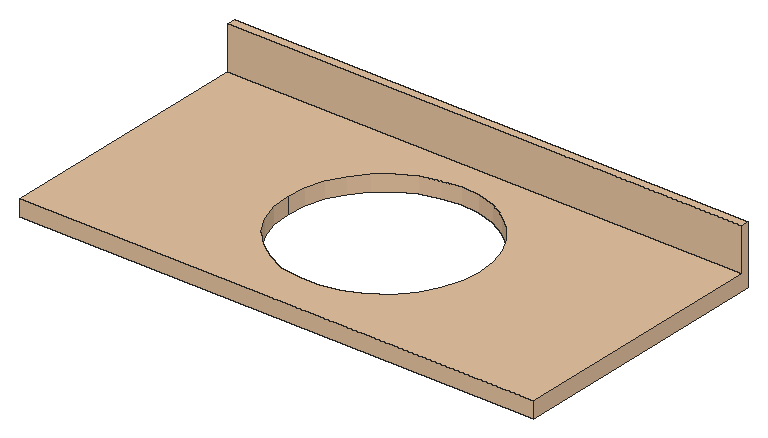
Revit family "dbb7fa4127af46bf854452babd8e4d18", category Casework, Revit 2021
Family settings
  OmniClass Number = 23.40.35.17.47.14
  OmniClass Title = Bathroom Casework
  Seek Item ID = Vanity Counter Top w Round Sink Hole-0000-USA-ENU
  Work Plane-Based = No
  Always vertical = Yes
  Cut with Voids When Loaded = No
  Shared = Yes
  Room Calculation Point = No
Parameters (values of type "24" Depth")
  Default Elevation = 0' - 0"
  Assembly Code = "C1030400"
  Counter Thickness = 0' - 1 1/2"
  Counter Top Material = none
  Depth = 2' - 1"
  Height = 2' - 7"
  Length [instance] = 4' - 0"
  Sink Location [instance] = 2' - 0"
  Sink Location To Wall [instance] = 0' - 4"
  Sink Opening Width [instance] = 1' - 5"
Reference planes (in)
  plane 1 "Back": y = 0
  plane 2: z = 0
  plane 3 "Left": x = -52.2623
  plane 4 "Right": x = -4.2623
  plane 5 "Front": y = -25
  plane 6 "Top": z = 31
  plane 7 "Top Of Cabinet": z = 29.5
  plane 8: y = -0.75
  plane 9: z = 35
  plane 10: x = -28.2623
  plane 11: y = -4
  plane 12: x = -19.7623
  plane 13: x = -36.7623
  plane 14: y = -12.5
  plane 15: y = -21
Forms (in)
  Extrusion 1, solid, material <- "Counter Top Material"
    sketch origin (0, 0, 0) x (1, 0, 0) y (0, 1, 0)
      loop
        line (-52.2623, 0) -> (-52.2623, -25) -> (-4.2623, -25) -> (-4.2623, 0) -> (-52.2623, 0)
    from 29.5 to 31
  Extrusion 2, solid, material <- "Counter Top Material"
    sketch origin (0, 0, 0) x (1, 0, 0) y (0, 1, 0)
      loop
        line (-4.2623, 0) -> (-52.2623, 0) -> (-52.2623, -0.75) -> (-4.2623, -0.75) -> (-4.2623, 0)
    from 31 to 35
  Extrusion 3, void
    sketch origin (0, 0, 0) x (1, 0, 0) y (0, 1, 0)
      loop
        circle (-28.2623, -12.5) r 9
    from 29.5 to 31
Cuts and joins
  Extrusion 3 cuts Extrusion 1
  Extrusion 3 cuts Extrusion 2
  joined: Extrusion 1, Extrusion 2
Lines and regions (in)
  Masking region 1
    outline origin (0, 0, 29.5) x (-1, 0, 0) y (0, -1, 0)
      loop
        line (52.2623, 0) -> (52.2623, 25) -> (4.2623, 25) -> (4.2623, 0) -> (52.2623, 0)
  symbolic lines, style "Counter Top"
    curve 1: line (-52.2623, -0.75, 29.5) -> (-4.2623, -0.75, 29.5)
  symbolic lines, style "Sink Opening"
    curve 2: arc (-19.7623, -12.5, 29.5) -> (-28.2623, -4, 29.5) -> (-36.7623, -12.5, 29.5) r 8.5
    curve 3: arc (-36.7623, -12.5, 29.5) -> (-28.2623, -21, 29.5) -> (-19.7623, -12.5, 29.5) r 8.5
Dimensions and locks (in)
  "Depth": plane 5 "Front" to plane 1 "Back"
  "Length": plane 3 "Left" to plane 4 "Right"
  "Height": level to plane 6 "Top"
  "Counter Thickness": plane 7 "Top Of Cabinet" to plane 6 "Top"
  locked: plane 8 to plane 1 "Back" at 0.75
  plane 6 "Top" to plane 9 = 0' - 4"
  "Sink Opening Width": plane 13 to plane 12
  "Sink Location": plane 3 "Left" to plane 10
  equal spacing: plane 13, plane 10, plane 12
  "Sink Location To Wall": plane 11 to plane 1 "Back"
  equal spacing: plane 15, plane 14, plane 11
  "Sink Opening Width": plane 15 to plane 11
  aligned and locked: plane 1 "Back" to Extrusion 1 sketch curve
  aligned and locked: plane 4 "Right" to Extrusion 1 sketch curve
  aligned and locked: Extrusion 1 sketch curve to plane 5 "Front"
  aligned and locked: Extrusion 1 sketch curve to plane 3 "Left"
  aligned and locked: plane 6 "Top" to Extrusion 1
  aligned and locked: Extrusion 1 to plane 7 "Top Of Cabinet"
  aligned and locked: Extrusion 2 sketch curve to plane 1 "Back"
  aligned and locked: plane 8 to Extrusion 2 sketch curve
  aligned and locked: Extrusion 2 sketch curve to plane 4 "Right"
  aligned and locked: plane 3 "Left" to Extrusion 2 sketch curve
  aligned and locked: Extrusion 2 to plane 9
  aligned and locked: Extrusion 2 to plane 6 "Top"
  aligned and locked: plane 6 "Top" to Extrusion 3
  aligned and locked: Extrusion 1 to Extrusion 3
  aligned and locked: plane 4 "Right" to Masking region 1 sketch curve
  aligned and locked: Masking region 1 sketch curve to plane 5 "Front"
  aligned and locked: plane 1 "Back" to Masking region 1 sketch curve
  aligned and locked: Masking region 1 sketch curve to plane 3 "Left"
Automatic sketch dimensions
  Extrusion 3 sketch curve to plane 14 = 0' - 0"
  Extrusion 3 sketch curve to plane 10 = 0' - 0"
  plane 13 to Extrusion 3 sketch curve = 0' - 0 1/2"
  curve 1 to plane 4 "Right" = 0' - 0"
  curve 1 to plane 3 "Left" = 0' - 0"
  curve 1 to plane 8 = 0' - 0"
  curve 3 to plane 12 = 0' - 0"
  curve 3 to plane 10 = 0' - 0"
  curve 2 to plane 14 = 0' - 0"
